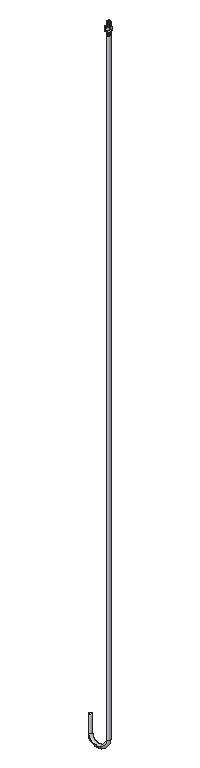
Revit family "Turnbuckle Hanger", category Modelos genéricos, Revit 2025
Family settings
  Puede alojar armadura = No
  Cota de conector redondo = Usar diámetro
  Tipo de pieza = Normal
  Se basa en plano de trabajo = No
  Siempre vertical = Sí
  Corte con vacíos al cargar = No
  Mantener orientación de anotación = No
  Compartido = No
  Punto de cálculo de habitación = No
Parameters
  b [instance] = 50 mm
  a [instance] = 30 mm
  Material = none
  Hook length of 180 [instance] = if(Bar Ø * 4 < 65 mm, 65 mm, Bar Ø * 4)  # 65 mm
  Elevación por defecto = 0 mm
  Curvature Ø [instance] = 6 * Bar Ø  # 72 mm
  Bar Ø [instance] = 12 mm
  Bar Length [instance] = 2500 mm
  10. SISTEMA = "ESTRUCTURAS"
  06. DESCRIPCION = "2 Tirante Roscados de Acero Ø1/2\" para Sujeción de Tensor Principal"
  03. CODIGO DE ELEMENTO = "MET-ARR-TIR-01"
  02. ELEMENTO = "Tirante de Acero Liso Ø1/2\""
Reference planes
  plane 1 "Center (Front/Back)": y = 0
  plane 2: z = 0
  plane 3 "Center (Left/Right)": x = 0
  plane 4: y = 12.5
  plane 5: x = 12.5
  plane 6: y = -12.5
  plane 7: x = -12.5
  plane 8: z = -2500
  plane 9: z = -2435
  plane 10: z = -22.37
  plane 11: z = 50
  plane 12: z = 20
Forms (mm)
  Sweep 1, solid, material <- "Material"
    path origin (0, 0, 0) x (1, 0, 0) y (0, 0, 1)
      loop
        line (0, 0) -> (0, -2500)
        arc (0, -2500) -> (-36, -2536) -> (-72, -2500) r 36
        line (-72, -2500) -> (-72, -2435)
    profile origin (0, 0, -1250) x (0, -1, 0) y (1, 0, 0)
      loop
        circle (0, 0) r 6
Dimensions and locks
  plane 7 to plane 5 = 25 mm
  equal spacing: plane 7, plane 3 "Center (Left/Right)", plane 5
  equal spacing: plane 4, plane 1 "Center (Front/Back)", plane 6
  plane 6 to plane 4 = 25 mm
  "Bar Length": level to plane 8
  "Hook length of 180": plane 9 to plane 8
  "b": plane 11 to level
  "a": plane 11 to plane 12
  "Bar Ø": diameter of Sweep 1 sketch curve
  "Curvature Ø": diameter of Sweep 1 sketch curve
  aligned and locked: level to plane 2
  aligned and locked: level to Sweep 1 sketch curve
  aligned and locked: Sweep 1 sketch curve to plane 3 "Center (Left/Right)"
  aligned and locked: plane 9 to Sweep 1 sketch curve
  aligned and locked: plane 8 to Sweep 1 sketch curve  (x2)
  aligned and locked: nested 1 to plane 3 "Center (Left/Right)"
  aligned and locked: nested 1 to plane 1 "Center (Front/Back)"
  aligned and locked: plane 1 "Center (Front/Back)" to nested 2
  aligned and locked: plane 3 "Center (Left/Right)" to nested 2
Automatic sketch dimensions
  plane 1 "Center (Front/Back)" to Sweep 1 sketch curve = 0 mm
  Sweep 1 sketch curve to profile plane = 0 mm
Nested families
  nested 1: "Rod with Detail" at (0, 0, 0) x (-1, 0, 0) z (0, 0, 1), Rod Ø <- "Bar Ø", Rod Length <- "b", type "Rod with Detail"
    with Rod Ø 12 mm, Rod Length 50 mm, Bar Ø 9.4 mm, Array Numbers 4
  nested 2: "Bolt Head Nut with Washer" at (0, 0, 20), Nominal Ø <- "Bar Ø", type "Bolt Head Nut with Washer"
    with Nominal Ø 12 mm, Material none
Definition of nested family "Rod with Detail"
  Parameters (values of type "Rod with Detail")
    Rod Ø [instance] = 16 mm
    Rod Material = none
    Rod Length [instance] = 60 mm
    Default Elevation = 1219.2 mm
    Bar Ø [instance] = Rod Ø - 2.6 mm  # 13.4 mm
    Array Numbers [instance] = 4
  Reference planes
    plane 1 "Center (Front/Back)": y = 0
    plane 2: z = 0
    plane 3 "Center (Left/Right)": x = 0
    plane 4: z = 3
    plane 5: z = 6
    plane 6: z = 9
    plane 7: z = 12
    plane 8: z = 15
    plane 9: z = 18
    plane 10: z = 21
    plane 11: z = 24
  Forms (mm)
    Extrusion 1, solid
      sketch origin (0, 0, 0) x (1, 0, 0) y (0, 1, 0)
        loop
          line (-1219.2, 1219.2) -> (-1219.2, -1219.2) -> (1219.2, -1219.2) -> (1219.2, 1219.2) -> (-1219.2, 1219.2)
      from 0 to -304.8
  Dimensions and locks
    aligned and locked: plane 2 to Extrusion 1
    aligned and locked: level to Extrusion 1
    aligned and locked: plane 3 "Center (Left/Right)" to nested 1
    aligned and locked: plane 1 "Center (Front/Back)" to nested 1
    aligned and locked: plane 1 "Center (Front/Back)" to nested 2
    aligned and locked: plane 3 "Center (Left/Right)" to nested 2
  Nested families
    nested 1: "Rod" at (0, 0, 0), Rod L <- "Rod Length", Rod Ø <- "Bar Ø", type "Rod"
      with Rod Ø 13.4 mm, Rod L 60 mm
    nested 2: "Rod Part" at (0, 0, 0), Rod Length <- "Rod Length", Rod Ø <- "Rod Ø", type "Rod Part"
      with Rod Ø 16 mm, Rod radius 8 mm, Rod Length 60 mm, Array Numbers 39
  Definition of nested family "Rod"
    Parameters (values of type "Rod")
      Rod Ø [instance] = 32 mm
      Rod Material = none
      Rod L [instance] = 200 mm
      Default Elevation = 1219.2 mm
    Reference planes
      plane 1 "Center (Front/Back)": y = 0
      plane 2: z = 0
      plane 3 "Center (Left/Right)": x = 0
      plane 4: z = 200
    Forms (mm)
      Extrusion 1, solid
        sketch origin (0, 0, 0) x (1, 0, 0) y (0, 1, 0)
          loop
            line (-1219.2, 1219.2) -> (-1219.2, -1219.2) -> (1219.2, -1219.2) -> (1219.2, 1219.2) -> (-1219.2, 1219.2)
        from 0 to -304.8
      Extrusion 2, solid, material <- "Rod Material"
        sketch origin (0, 0, 0) x (1, 0, 0) y (0, 1, 0)
          loop
            circle (0, 0) r 16
        from 0 to 200
    Dimensions and locks
      "Rod L": plane 4 to Extrusion 1
      "Rod Ø": diameter of Extrusion 2 sketch curve
      aligned and locked: plane 2 to Extrusion 1
      aligned and locked: level to Extrusion 1
      aligned and locked: Extrusion 2 to Extrusion 1
      aligned and locked: plane 4 to Extrusion 2
    Automatic sketch dimensions
      Extrusion 1 sketch curve to Extrusion 1 sketch curve = 2438.4 mm  (x2)
      plane 1 "Center (Front/Back)" to Extrusion 2 sketch curve = 0 mm
      Extrusion 2 sketch curve to plane 3 "Center (Left/Right)" = 0 mm
  Definition of nested family "Rod Part"
    Parameters (values of type "Rod Part")
      Rod Ø [instance] = 16 mm
      Rod radius [instance] = Rod Ø / 2  # 8 mm
      Rod material = none
      Rod Length [instance] = 40 mm
      Default Elevation = 1219.2 mm
      Array Numbers [instance] = (Rod Length / 1.5 mm) - 1  # 26
    Reference planes
      plane 1 "Center (Front/Back)": y = 0
      plane 2: z = 0
      plane 3 "Center (Left/Right)": x = 0
      plane 4: x = 8
      plane 5: x = -8
      plane 6: z = 0.75
      plane 7: z = 2.25
      plane 8: z = 1.5
      plane 9: z = 40
      plane 10: z = 3
    Forms (mm)
      Extrusion 1, solid
        sketch origin (0, 0, 0) x (1, 0, 0) y (0, 1, 0)
          loop
            line (-1219.2, 1219.2) -> (-1219.2, -1219.2) -> (1219.2, -1219.2) -> (1219.2, 1219.2) -> (-1219.2, 1219.2)
        from 0 to -304.8
      SweptBlend 2, solid
        path origin (0, 0, -8.25) x (1, 0, 0) y (0, 1, 0)
          loop
            arc (-8, 0) -> (0, 8) -> (8, 0) r 8
        profile origin (-8, 0, -8.25) x (-1, 0, 0) y (0, 0, 1)
          loop
            line (0, 9.75) -> (-1.299, 10.5) -> (-1.299, 9) -> (0, 9.75)
        end profile origin (8, 0, -8.25) x (1, 0, 0) y (0, 0, 1)
          loop
            line (0, 10.5) -> (-1.299, 11.25) -> (-1.299, 9.75) -> (0, 10.5)
      SweptBlend 3, solid
        path origin (0, 0, -11.25) x (1, 0, 0) y (0, 1, 0)
          loop
            arc (-8, 0) -> (0, -8) -> (8, 0) r 8
        profile origin (-8, 0, -11.25) x (1, 0, 0) y (0, 0, 1)
          loop
            line (0, 12.75) -> (1.299, 12) -> (1.299, 13.5) -> (0, 12.75)
        end profile origin (8, 0, -11.25) x (-1, 0, 0) y (0, 0, 1)
          loop
            line (0, 12) -> (1.299, 11.25) -> (1.299, 12.75) -> (0, 12)
      SweptBlend 4, solid
        path origin (0, 0, -6.75) x (1, 0, 0) y (0, 1, 0)
          loop
            arc (-8, 0) -> (0, 8) -> (8, 0) r 8
        profile origin (-8, 0, -6.75) x (-1, 0, 0) y (0, 0, 1)
          loop
            line (0, 9.75) -> (-1.299, 10.5) -> (-1.299, 9) -> (0, 9.75)
        end profile origin (8, 0, -6.75) x (1, 0, 0) y (0, 0, 1)
          loop
            line (0, 10.5) -> (-1.299, 11.25) -> (-1.299, 9.75) -> (0, 10.5)
      SweptBlend 5, solid
        path origin (0, 0, -9.75) x (1, 0, 0) y (0, 1, 0)
          loop
            arc (-8, 0) -> (0, -8) -> (8, 0) r 8
        profile origin (-8, 0, -9.75) x (1, 0, 0) y (0, 0, 1)
          loop
            line (0, 12.75) -> (1.299, 12) -> (1.299, 13.5) -> (0, 12.75)
        end profile origin (8, 0, -9.75) x (-1, 0, 0) y (0, 0, 1)
          loop
            line (0, 12) -> (1.299, 11.25) -> (1.299, 12.75) -> (0, 12)
      SweptBlend 6, solid
        path origin (0, 0, -5.25) x (1, 0, 0) y (0, 1, 0)
          loop
            arc (-8, 0) -> (0, 8) -> (8, 0) r 8
        profile origin (-8, 0, -5.25) x (-1, 0, 0) y (0, 0, 1)
          loop
            line (0, 9.75) -> (-1.299, 10.5) -> (-1.299, 9) -> (0, 9.75)
        end profile origin (8, 0, -5.25) x (1, 0, 0) y (0, 0, 1)
          loop
            line (0, 10.5) -> (-1.299, 11.25) -> (-1.299, 9.75) -> (0, 10.5)
      SweptBlend 7, solid
        path origin (0, 0, -8.25) x (1, 0, 0) y (0, 1, 0)
          loop
            arc (-8, 0) -> (0, -8) -> (8, 0) r 8
        profile origin (-8, 0, -8.25) x (1, 0, 0) y (0, 0, 1)
          loop
            line (0, 12.75) -> (1.299, 12) -> (1.299, 13.5) -> (0, 12.75)
        end profile origin (8, 0, -8.25) x (-1, 0, 0) y (0, 0, 1)
          loop
            line (0, 12) -> (1.299, 11.25) -> (1.299, 12.75) -> (0, 12)
      SweptBlend 8, solid
        path origin (0, 0, -3.75) x (1, 0, 0) y (0, 1, 0)
          loop
            arc (-8, 0) -> (0, 8) -> (8, 0) r 8
        profile origin (-8, 0, -3.75) x (-1, 0, 0) y (0, 0, 1)
          loop
            line (0, 9.75) -> (-1.299, 10.5) -> (-1.299, 9) -> (0, 9.75)
        end profile origin (8, 0, -3.75) x (1, 0, 0) y (0, 0, 1)
          loop
            line (0, 10.5) -> (-1.299, 11.25) -> (-1.299, 9.75) -> (0, 10.5)
      SweptBlend 9, solid
        path origin (0, 0, -6.75) x (1, 0, 0) y (0, 1, 0)
          loop
            arc (-8, 0) -> (0, -8) -> (8, 0) r 8
        profile origin (-8, 0, -6.75) x (1, 0, 0) y (0, 0, 1)
          loop
            line (0, 12.75) -> (1.299, 12) -> (1.299, 13.5) -> (0, 12.75)
        end profile origin (8, 0, -6.75) x (-1, 0, 0) y (0, 0, 1)
          loop
            line (0, 12) -> (1.299, 11.25) -> (1.299, 12.75) -> (0, 12)
      SweptBlend 10, solid
        path origin (0, 0, -2.25) x (1, 0, 0) y (0, 1, 0)
          loop
            arc (-8, 0) -> (0, 8) -> (8, 0) r 8
        profile origin (-8, 0, -2.25) x (-1, 0, 0) y (0, 0, 1)
          loop
            line (0, 9.75) -> (-1.299, 10.5) -> (-1.299, 9) -> (0, 9.75)
        end profile origin (8, 0, -2.25) x (1, 0, 0) y (0, 0, 1)
          loop
            line (0, 10.5) -> (-1.299, 11.25) -> (-1.299, 9.75) -> (0, 10.5)
      SweptBlend 11, solid
        path origin (0, 0, -5.25) x (1, 0, 0) y (0, 1, 0)
          loop
            arc (-8, 0) -> (0, -8) -> (8, 0) r 8
        profile origin (-8, 0, -5.25) x (1, 0, 0) y (0, 0, 1)
          loop
            line (0, 12.75) -> (1.299, 12) -> (1.299, 13.5) -> (0, 12.75)
        end profile origin (8, 0, -5.25) x (-1, 0, 0) y (0, 0, 1)
          loop
            line (0, 12) -> (1.299, 11.25) -> (1.299, 12.75) -> (0, 12)
      SweptBlend 12, solid
        path origin (0, 0, -0.75) x (1, 0, 0) y (0, 1, 0)
          loop
            arc (-8, 0) -> (0, 8) -> (8, 0) r 8
        profile origin (-8, 0, -0.75) x (-1, 0, 0) y (0, 0, 1)
          loop
            line (0, 9.75) -> (-1.299, 10.5) -> (-1.299, 9) -> (0, 9.75)
        end profile origin (8, 0, -0.75) x (1, 0, 0) y (0, 0, 1)
          loop
            line (0, 10.5) -> (-1.299, 11.25) -> (-1.299, 9.75) -> (0, 10.5)
      SweptBlend 13, solid
        path origin (0, 0, -3.75) x (1, 0, 0) y (0, 1, 0)
          loop
            arc (-8, 0) -> (0, -8) -> (8, 0) r 8
        profile origin (-8, 0, -3.75) x (1, 0, 0) y (0, 0, 1)
          loop
            line (0, 12.75) -> (1.299, 12) -> (1.299, 13.5) -> (0, 12.75)
        end profile origin (8, 0, -3.75) x (-1, 0, 0) y (0, 0, 1)
          loop
            line (0, 12) -> (1.299, 11.25) -> (1.299, 12.75) -> (0, 12)
      SweptBlend 14, solid
        path origin (0, 0, 0.75) x (1, 0, 0) y (0, 1, 0)
          loop
            arc (-8, 0) -> (0, 8) -> (8, 0) r 8
        profile origin (-8, 0, 0.75) x (-1, 0, 0) y (0, 0, 1)
          loop
            line (0, 9.75) -> (-1.299, 10.5) -> (-1.299, 9) -> (0, 9.75)
        end profile origin (8, 0, 0.75) x (1, 0, 0) y (0, 0, 1)
          loop
            line (0, 10.5) -> (-1.299, 11.25) -> (-1.299, 9.75) -> (0, 10.5)
      SweptBlend 15, solid
        path origin (0, 0, -2.25) x (1, 0, 0) y (0, 1, 0)
          loop
            arc (-8, 0) -> (0, -8) -> (8, 0) r 8
        profile origin (-8, 0, -2.25) x (1, 0, 0) y (0, 0, 1)
          loop
            line (0, 12.75) -> (1.299, 12) -> (1.299, 13.5) -> (0, 12.75)
        end profile origin (8, 0, -2.25) x (-1, 0, 0) y (0, 0, 1)
          loop
            line (0, 12) -> (1.299, 11.25) -> (1.299, 12.75) -> (0, 12)
      SweptBlend 16, solid
        path origin (0, 0, 2.25) x (1, 0, 0) y (0, 1, 0)
          loop
            arc (-8, 0) -> (0, 8) -> (8, 0) r 8
        profile origin (-8, 0, 2.25) x (-1, 0, 0) y (0, 0, 1)
          loop
            line (0, 9.75) -> (-1.299, 10.5) -> (-1.299, 9) -> (0, 9.75)
        end profile origin (8, 0, 2.25) x (1, 0, 0) y (0, 0, 1)
          loop
            line (0, 10.5) -> (-1.299, 11.25) -> (-1.299, 9.75) -> (0, 10.5)
      SweptBlend 17, solid
        path origin (0, 0, -0.75) x (1, 0, 0) y (0, 1, 0)
          loop
            arc (-8, 0) -> (0, -8) -> (8, 0) r 8
        profile origin (-8, 0, -0.75) x (1, 0, 0) y (0, 0, 1)
          loop
            line (0, 12.75) -> (1.299, 12) -> (1.299, 13.5) -> (0, 12.75)
        end profile origin (8, 0, -0.75) x (-1, 0, 0) y (0, 0, 1)
          loop
            line (0, 12) -> (1.299, 11.25) -> (1.299, 12.75) -> (0, 12)
      SweptBlend 18, solid
        path origin (0, 0, 3.75) x (1, 0, 0) y (0, 1, 0)
          loop
            arc (-8, 0) -> (0, 8) -> (8, 0) r 8
        profile origin (-8, 0, 3.75) x (-1, 0, 0) y (0, 0, 1)
          loop
            line (0, 9.75) -> (-1.299, 10.5) -> (-1.299, 9) -> (0, 9.75)
        end profile origin (8, 0, 3.75) x (1, 0, 0) y (0, 0, 1)
          loop
            line (0, 10.5) -> (-1.299, 11.25) -> (-1.299, 9.75) -> (0, 10.5)
      SweptBlend 19, solid
        path origin (0, 0, 0.75) x (1, 0, 0) y (0, 1, 0)
          loop
            arc (-8, 0) -> (0, -8) -> (8, 0) r 8
        profile origin (-8, 0, 0.75) x (1, 0, 0) y (0, 0, 1)
          loop
            line (0, 12.75) -> (1.299, 12) -> (1.299, 13.5) -> (0, 12.75)
        end profile origin (8, 0, 0.75) x (-1, 0, 0) y (0, 0, 1)
          loop
            line (0, 12) -> (1.299, 11.25) -> (1.299, 12.75) -> (0, 12)
      SweptBlend 20, solid
        path origin (0, 0, 5.25) x (1, 0, 0) y (0, 1, 0)
          loop
            arc (-8, 0) -> (0, 8) -> (8, 0) r 8
        profile origin (-8, 0, 5.25) x (-1, 0, 0) y (0, 0, 1)
          loop
            line (0, 9.75) -> (-1.299, 10.5) -> (-1.299, 9) -> (0, 9.75)
        end profile origin (8, 0, 5.25) x (1, 0, 0) y (0, 0, 1)
          loop
            line (0, 10.5) -> (-1.299, 11.25) -> (-1.299, 9.75) -> (0, 10.5)
      SweptBlend 21, solid
        path origin (0, 0, 2.25) x (1, 0, 0) y (0, 1, 0)
          loop
            arc (-8, 0) -> (0, -8) -> (8, 0) r 8
        profile origin (-8, 0, 2.25) x (1, 0, 0) y (0, 0, 1)
          loop
            line (0, 12.75) -> (1.299, 12) -> (1.299, 13.5) -> (0, 12.75)
        end profile origin (8, 0, 2.25) x (-1, 0, 0) y (0, 0, 1)
          loop
            line (0, 12) -> (1.299, 11.25) -> (1.299, 12.75) -> (0, 12)
      SweptBlend 22, solid
        path origin (0, 0, 6.75) x (1, 0, 0) y (0, 1, 0)
          loop
            arc (-8, 0) -> (0, 8) -> (8, 0) r 8
        profile origin (-8, 0, 6.75) x (-1, 0, 0) y (0, 0, 1)
          loop
            line (0, 9.75) -> (-1.299, 10.5) -> (-1.299, 9) -> (0, 9.75)
        end profile origin (8, 0, 6.75) x (1, 0, 0) y (0, 0, 1)
          loop
            line (0, 10.5) -> (-1.299, 11.25) -> (-1.299, 9.75) -> (0, 10.5)
      SweptBlend 23, solid
        path origin (0, 0, 3.75) x (1, 0, 0) y (0, 1, 0)
          loop
            arc (-8, 0) -> (0, -8) -> (8, 0) r 8
        profile origin (-8, 0, 3.75) x (1, 0, 0) y (0, 0, 1)
          loop
            line (0, 12.75) -> (1.299, 12) -> (1.299, 13.5) -> (0, 12.75)
        end profile origin (8, 0, 3.75) x (-1, 0, 0) y (0, 0, 1)
          loop
            line (0, 12) -> (1.299, 11.25) -> (1.299, 12.75) -> (0, 12)
      SweptBlend 24, solid
        path origin (0, 0, 8.25) x (1, 0, 0) y (0, 1, 0)
          loop
            arc (-8, 0) -> (0, 8) -> (8, 0) r 8
        profile origin (-8, 0, 8.25) x (-1, 0, 0) y (0, 0, 1)
          loop
            line (0, 9.75) -> (-1.299, 10.5) -> (-1.299, 9) -> (0, 9.75)
        end profile origin (8, 0, 8.25) x (1, 0, 0) y (0, 0, 1)
          loop
            line (0, 10.5) -> (-1.299, 11.25) -> (-1.299, 9.75) -> (0, 10.5)
      SweptBlend 25, solid
        path origin (0, 0, 5.25) x (1, 0, 0) y (0, 1, 0)
          loop
            arc (-8, 0) -> (0, -8) -> (8, 0) r 8
        profile origin (-8, 0, 5.25) x (1, 0, 0) y (0, 0, 1)
          loop
            line (0, 12.75) -> (1.299, 12) -> (1.299, 13.5) -> (0, 12.75)
        end profile origin (8, 0, 5.25) x (-1, 0, 0) y (0, 0, 1)
          loop
            line (0, 12) -> (1.299, 11.25) -> (1.299, 12.75) -> (0, 12)
      SweptBlend 26, solid
        path origin (0, 0, 9.75) x (1, 0, 0) y (0, 1, 0)
          loop
            arc (-8, 0) -> (0, 8) -> (8, 0) r 8
        profile origin (-8, 0, 9.75) x (-1, 0, 0) y (0, 0, 1)
          loop
            line (0, 9.75) -> (-1.299, 10.5) -> (-1.299, 9) -> (0, 9.75)
        end profile origin (8, 0, 9.75) x (1, 0, 0) y (0, 0, 1)
          loop
            line (0, 10.5) -> (-1.299, 11.25) -> (-1.299, 9.75) -> (0, 10.5)
      SweptBlend 27, solid
        path origin (0, 0, 6.75) x (1, 0, 0) y (0, 1, 0)
          loop
            arc (-8, 0) -> (0, -8) -> (8, 0) r 8
        profile origin (-8, 0, 6.75) x (1, 0, 0) y (0, 0, 1)
          loop
            line (0, 12.75) -> (1.299, 12) -> (1.299, 13.5) -> (0, 12.75)
        end profile origin (8, 0, 6.75) x (-1, 0, 0) y (0, 0, 1)
          loop
            line (0, 12) -> (1.299, 11.25) -> (1.299, 12.75) -> (0, 12)
      SweptBlend 28, solid
        path origin (0, 0, 11.25) x (1, 0, 0) y (0, 1, 0)
          loop
            arc (-8, 0) -> (0, 8) -> (8, 0) r 8
        profile origin (-8, 0, 11.25) x (-1, 0, 0) y (0, 0, 1)
          loop
            line (0, 9.75) -> (-1.299, 10.5) -> (-1.299, 9) -> (0, 9.75)
        end profile origin (8, 0, 11.25) x (1, 0, 0) y (0, 0, 1)
          loop
            line (0, 10.5) -> (-1.299, 11.25) -> (-1.299, 9.75) -> (0, 10.5)
      SweptBlend 29, solid
        path origin (0, 0, 8.25) x (1, 0, 0) y (0, 1, 0)
          loop
            arc (-8, 0) -> (0, -8) -> (8, 0) r 8
        profile origin (-8, 0, 8.25) x (1, 0, 0) y (0, 0, 1)
          loop
            line (0, 12.75) -> (1.299, 12) -> (1.299, 13.5) -> (0, 12.75)
        end profile origin (8, 0, 8.25) x (-1, 0, 0) y (0, 0, 1)
          loop
            line (0, 12) -> (1.299, 11.25) -> (1.299, 12.75) -> (0, 12)
      SweptBlend 30, solid
        path origin (0, 0, 12.75) x (1, 0, 0) y (0, 1, 0)
          loop
            arc (-8, 0) -> (0, 8) -> (8, 0) r 8
        profile origin (-8, 0, 12.75) x (-1, 0, 0) y (0, 0, 1)
          loop
            line (0, 9.75) -> (-1.299, 10.5) -> (-1.299, 9) -> (0, 9.75)
        end profile origin (8, 0, 12.75) x (1, 0, 0) y (0, 0, 1)
          loop
            line (0, 10.5) -> (-1.299, 11.25) -> (-1.299, 9.75) -> (0, 10.5)
      SweptBlend 31, solid
        path origin (0, 0, 9.75) x (1, 0, 0) y (0, 1, 0)
          loop
            arc (-8, 0) -> (0, -8) -> (8, 0) r 8
        profile origin (-8, 0, 9.75) x (1, 0, 0) y (0, 0, 1)
          loop
            line (0, 12.75) -> (1.299, 12) -> (1.299, 13.5) -> (0, 12.75)
        end profile origin (8, 0, 9.75) x (-1, 0, 0) y (0, 0, 1)
          loop
            line (0, 12) -> (1.299, 11.25) -> (1.299, 12.75) -> (0, 12)
      SweptBlend 32, solid
        path origin (0, 0, 14.25) x (1, 0, 0) y (0, 1, 0)
          loop
            arc (-8, 0) -> (0, 8) -> (8, 0) r 8
        profile origin (-8, 0, 14.25) x (-1, 0, 0) y (0, 0, 1)
          loop
            line (0, 9.75) -> (-1.299, 10.5) -> (-1.299, 9) -> (0, 9.75)
        end profile origin (8, 0, 14.25) x (1, 0, 0) y (0, 0, 1)
          loop
            line (0, 10.5) -> (-1.299, 11.25) -> (-1.299, 9.75) -> (0, 10.5)
      SweptBlend 33, solid
        path origin (0, 0, 11.25) x (1, 0, 0) y (0, 1, 0)
          loop
            arc (-8, 0) -> (0, -8) -> (8, 0) r 8
        profile origin (-8, 0, 11.25) x (1, 0, 0) y (0, 0, 1)
          loop
            line (0, 12.75) -> (1.299, 12) -> (1.299, 13.5) -> (0, 12.75)
        end profile origin (8, 0, 11.25) x (-1, 0, 0) y (0, 0, 1)
          loop
            line (0, 12) -> (1.299, 11.25) -> (1.299, 12.75) -> (0, 12)
      SweptBlend 34, solid
        path origin (0, 0, 15.75) x (1, 0, 0) y (0, 1, 0)
          loop
            arc (-8, 0) -> (0, 8) -> (8, 0) r 8
        profile origin (-8, 0, 15.75) x (-1, 0, 0) y (0, 0, 1)
          loop
            line (0, 9.75) -> (-1.299, 10.5) -> (-1.299, 9) -> (0, 9.75)
        end profile origin (8, 0, 15.75) x (1, 0, 0) y (0, 0, 1)
          loop
            line (0, 10.5) -> (-1.299, 11.25) -> (-1.299, 9.75) -> (0, 10.5)
      SweptBlend 35, solid
        path origin (0, 0, 12.75) x (1, 0, 0) y (0, 1, 0)
          loop
            arc (-8, 0) -> (0, -8) -> (8, 0) r 8
        profile origin (-8, 0, 12.75) x (1, 0, 0) y (0, 0, 1)
          loop
            line (0, 12.75) -> (1.299, 12) -> (1.299, 13.5) -> (0, 12.75)
        end profile origin (8, 0, 12.75) x (-1, 0, 0) y (0, 0, 1)
          loop
            line (0, 12) -> (1.299, 11.25) -> (1.299, 12.75) -> (0, 12)
      SweptBlend 36, solid
        path origin (0, 0, 17.25) x (1, 0, 0) y (0, 1, 0)
          loop
            arc (-8, 0) -> (0, 8) -> (8, 0) r 8
        profile origin (-8, 0, 17.25) x (-1, 0, 0) y (0, 0, 1)
          loop
            line (0, 9.75) -> (-1.299, 10.5) -> (-1.299, 9) -> (0, 9.75)
        end profile origin (8, 0, 17.25) x (1, 0, 0) y (0, 0, 1)
          loop
            line (0, 10.5) -> (-1.299, 11.25) -> (-1.299, 9.75) -> (0, 10.5)
      SweptBlend 37, solid
        path origin (0, 0, 14.25) x (1, 0, 0) y (0, 1, 0)
          loop
            arc (-8, 0) -> (0, -8) -> (8, 0) r 8
        profile origin (-8, 0, 14.25) x (1, 0, 0) y (0, 0, 1)
          loop
            line (0, 12.75) -> (1.299, 12) -> (1.299, 13.5) -> (0, 12.75)
        end profile origin (8, 0, 14.25) x (-1, 0, 0) y (0, 0, 1)
          loop
            line (0, 12) -> (1.299, 11.25) -> (1.299, 12.75) -> (0, 12)
      SweptBlend 38, solid
        path origin (0, 0, 18.75) x (1, 0, 0) y (0, 1, 0)
          loop
            arc (-8, 0) -> (0, 8) -> (8, 0) r 8
        profile origin (-8, 0, 18.75) x (-1, 0, 0) y (0, 0, 1)
          loop
            line (0, 9.75) -> (-1.299, 10.5) -> (-1.299, 9) -> (0, 9.75)
        end profile origin (8, 0, 18.75) x (1, 0, 0) y (0, 0, 1)
          loop
            line (0, 10.5) -> (-1.299, 11.25) -> (-1.299, 9.75) -> (0, 10.5)
      SweptBlend 39, solid
        path origin (0, 0, 15.75) x (1, 0, 0) y (0, 1, 0)
          loop
            arc (-8, 0) -> (0, -8) -> (8, 0) r 8
        profile origin (-8, 0, 15.75) x (1, 0, 0) y (0, 0, 1)
          loop
            line (0, 12.75) -> (1.299, 12) -> (1.299, 13.5) -> (0, 12.75)
        end profile origin (8, 0, 15.75) x (-1, 0, 0) y (0, 0, 1)
          loop
            line (0, 12) -> (1.299, 11.25) -> (1.299, 12.75) -> (0, 12)
      SweptBlend 40, solid
        path origin (0, 0, 20.25) x (1, 0, 0) y (0, 1, 0)
          loop
            arc (-8, 0) -> (0, 8) -> (8, 0) r 8
        profile origin (-8, 0, 20.25) x (-1, 0, 0) y (0, 0, 1)
          loop
            line (0, 9.75) -> (-1.299, 10.5) -> (-1.299, 9) -> (0, 9.75)
        end profile origin (8, 0, 20.25) x (1, 0, 0) y (0, 0, 1)
          loop
            line (0, 10.5) -> (-1.299, 11.25) -> (-1.299, 9.75) -> (0, 10.5)
      SweptBlend 41, solid
        path origin (0, 0, 17.25) x (1, 0, 0) y (0, 1, 0)
          loop
            arc (-8, 0) -> (0, -8) -> (8, 0) r 8
        profile origin (-8, 0, 17.25) x (1, 0, 0) y (0, 0, 1)
          loop
            line (0, 12.75) -> (1.299, 12) -> (1.299, 13.5) -> (0, 12.75)
        end profile origin (8, 0, 17.25) x (-1, 0, 0) y (0, 0, 1)
          loop
            line (0, 12) -> (1.299, 11.25) -> (1.299, 12.75) -> (0, 12)
      SweptBlend 42, solid
        path origin (0, 0, 21.75) x (1, 0, 0) y (0, 1, 0)
          loop
            arc (-8, 0) -> (0, 8) -> (8, 0) r 8
        profile origin (-8, 0, 21.75) x (-1, 0, 0) y (0, 0, 1)
          loop
            line (0, 9.75) -> (-1.299, 10.5) -> (-1.299, 9) -> (0, 9.75)
        end profile origin (8, 0, 21.75) x (1, 0, 0) y (0, 0, 1)
          loop
            line (0, 10.5) -> (-1.299, 11.25) -> (-1.299, 9.75) -> (0, 10.5)
      SweptBlend 43, solid
        path origin (0, 0, 18.75) x (1, 0, 0) y (0, 1, 0)
          loop
            arc (-8, 0) -> (0, -8) -> (8, 0) r 8
        profile origin (-8, 0, 18.75) x (1, 0, 0) y (0, 0, 1)
          loop
            line (0, 12.75) -> (1.299, 12) -> (1.299, 13.5) -> (0, 12.75)
        end profile origin (8, 0, 18.75) x (-1, 0, 0) y (0, 0, 1)
          loop
            line (0, 12) -> (1.299, 11.25) -> (1.299, 12.75) -> (0, 12)
      SweptBlend 44, solid
        path origin (0, 0, 23.25) x (1, 0, 0) y (0, 1, 0)
          loop
            arc (-8, 0) -> (0, 8) -> (8, 0) r 8
        profile origin (-8, 0, 23.25) x (-1, 0, 0) y (0, 0, 1)
          loop
            line (0, 9.75) -> (-1.299, 10.5) -> (-1.299, 9) -> (0, 9.75)
        end profile origin (8, 0, 23.25) x (1, 0, 0) y (0, 0, 1)
          loop
            line (0, 10.5) -> (-1.299, 11.25) -> (-1.299, 9.75) -> (0, 10.5)
      SweptBlend 45, solid
        path origin (0, 0, 20.25) x (1, 0, 0) y (0, 1, 0)
          loop
            arc (-8, 0) -> (0, -8) -> (8, 0) r 8
        profile origin (-8, 0, 20.25) x (1, 0, 0) y (0, 0, 1)
          loop
            line (0, 12.75) -> (1.299, 12) -> (1.299, 13.5) -> (0, 12.75)
        end profile origin (8, 0, 20.25) x (-1, 0, 0) y (0, 0, 1)
          loop
            line (0, 12) -> (1.299, 11.25) -> (1.299, 12.75) -> (0, 12)
      SweptBlend 46, solid
        path origin (0, 0, 24.75) x (1, 0, 0) y (0, 1, 0)
          loop
            arc (-8, 0) -> (0, 8) -> (8, 0) r 8
        profile origin (-8, 0, 24.75) x (-1, 0, 0) y (0, 0, 1)
          loop
            line (0, 9.75) -> (-1.299, 10.5) -> (-1.299, 9) -> (0, 9.75)
        end profile origin (8, 0, 24.75) x (1, 0, 0) y (0, 0, 1)
          loop
            line (0, 10.5) -> (-1.299, 11.25) -> (-1.299, 9.75) -> (0, 10.5)
      SweptBlend 47, solid
        path origin (0, 0, 21.75) x (1, 0, 0) y (0, 1, 0)
          loop
            arc (-8, 0) -> (0, -8) -> (8, 0) r 8
        profile origin (-8, 0, 21.75) x (1, 0, 0) y (0, 0, 1)
          loop
            line (0, 12.75) -> (1.299, 12) -> (1.299, 13.5) -> (0, 12.75)
        end profile origin (8, 0, 21.75) x (-1, 0, 0) y (0, 0, 1)
          loop
            line (0, 12) -> (1.299, 11.25) -> (1.299, 12.75) -> (0, 12)
      SweptBlend 48, solid
        path origin (0, 0, 26.25) x (1, 0, 0) y (0, 1, 0)
          loop
            arc (-8, 0) -> (0, 8) -> (8, 0) r 8
        profile origin (-8, 0, 26.25) x (-1, 0, 0) y (0, 0, 1)
          loop
            line (0, 9.75) -> (-1.299, 10.5) -> (-1.299, 9) -> (0, 9.75)
        end profile origin (8, 0, 26.25) x (1, 0, 0) y (0, 0, 1)
          loop
            line (0, 10.5) -> (-1.299, 11.25) -> (-1.299, 9.75) -> (0, 10.5)
      SweptBlend 49, solid
        path origin (0, 0, 23.25) x (1, 0, 0) y (0, 1, 0)
          loop
            arc (-8, 0) -> (0, -8) -> (8, 0) r 8
        profile origin (-8, 0, 23.25) x (1, 0, 0) y (0, 0, 1)
          loop
            line (0, 12.75) -> (1.299, 12) -> (1.299, 13.5) -> (0, 12.75)
        end profile origin (8, 0, 23.25) x (-1, 0, 0) y (0, 0, 1)
          loop
            line (0, 12) -> (1.299, 11.25) -> (1.299, 12.75) -> (0, 12)
      SweptBlend 50, solid
        path origin (0, 0, 27.75) x (1, 0, 0) y (0, 1, 0)
          loop
            arc (-8, 0) -> (0, 8) -> (8, 0) r 8
        profile origin (-8, 0, 27.75) x (-1, 0, 0) y (0, 0, 1)
          loop
            line (0, 9.75) -> (-1.299, 10.5) -> (-1.299, 9) -> (0, 9.75)
        end profile origin (8, 0, 27.75) x (1, 0, 0) y (0, 0, 1)
          loop
            line (0, 10.5) -> (-1.299, 11.25) -> (-1.299, 9.75) -> (0, 10.5)
      SweptBlend 51, solid
        path origin (0, 0, 24.75) x (1, 0, 0) y (0, 1, 0)
          loop
            arc (-8, 0) -> (0, -8) -> (8, 0) r 8
        profile origin (-8, 0, 24.75) x (1, 0, 0) y (0, 0, 1)
          loop
            line (0, 12.75) -> (1.299, 12) -> (1.299, 13.5) -> (0, 12.75)
        end profile origin (8, 0, 24.75) x (-1, 0, 0) y (0, 0, 1)
          loop
            line (0, 12) -> (1.299, 11.25) -> (1.299, 12.75) -> (0, 12)
      SweptBlend 52, solid
        path origin (0, 0, 29.25) x (1, 0, 0) y (0, 1, 0)
          loop
            arc (-8, 0) -> (0, 8) -> (8, 0) r 8
        profile origin (-8, 0, 29.25) x (-1, 0, 0) y (0, 0, 1)
          loop
            line (0, 9.75) -> (-1.299, 10.5) -> (-1.299, 9) -> (0, 9.75)
        end profile origin (8, 0, 29.25) x (1, 0, 0) y (0, 0, 1)
          loop
            line (0, 10.5) -> (-1.299, 11.25) -> (-1.299, 9.75) -> (0, 10.5)
      SweptBlend 53, solid
        path origin (0, 0, 26.25) x (1, 0, 0) y (0, 1, 0)
          loop
            arc (-8, 0) -> (0, -8) -> (8, 0) r 8
        profile origin (-8, 0, 26.25) x (1, 0, 0) y (0, 0, 1)
          loop
            line (0, 12.75) -> (1.299, 12) -> (1.299, 13.5) -> (0, 12.75)
        end profile origin (8, 0, 26.25) x (-1, 0, 0) y (0, 0, 1)
          loop
            line (0, 12) -> (1.299, 11.25) -> (1.299, 12.75) -> (0, 12)
      SweptBlend 54, solid
        path origin (0, 0, -12.723) x (1, 0, 0) y (0, 1, 0)
          loop
            arc (-8, 0) -> (0, -8) -> (8, 0) r 8
        profile origin (-8, 0, -12.723) x (1, 0, 0) y (0, 0, 1)
          loop
            line (0, 12.75) -> (1.299, 12) -> (1.299, 13.5) -> (0, 12.75)
        end profile origin (8, 0, -12.723) x (-1, 0, 0) y (0, 0, 1)
          loop
            line (0, 12) -> (1.299, 11.25) -> (1.299, 12.75) -> (0, 12)
      SweptBlend 55, solid
        path origin (0, 0, -11.223) x (1, 0, 0) y (0, 1, 0)
          loop
            arc (-8, 0) -> (0, -8) -> (8, 0) r 8
        profile origin (-8, 0, -11.223) x (1, 0, 0) y (0, 0, 1)
          loop
            line (0, 12.75) -> (1.299, 12) -> (1.299, 13.5) -> (0, 12.75)
        end profile origin (8, 0, -11.223) x (-1, 0, 0) y (0, 0, 1)
          loop
            line (0, 12) -> (1.299, 11.25) -> (1.299, 12.75) -> (0, 12)
      SweptBlend 56, solid
        path origin (0, 0, -9.723) x (1, 0, 0) y (0, 1, 0)
          loop
            arc (-8, 0) -> (0, -8) -> (8, 0) r 8
        profile origin (-8, 0, -9.723) x (1, 0, 0) y (0, 0, 1)
          loop
            line (0, 12.75) -> (1.299, 12) -> (1.299, 13.5) -> (0, 12.75)
        end profile origin (8, 0, -9.723) x (-1, 0, 0) y (0, 0, 1)
          loop
            line (0, 12) -> (1.299, 11.25) -> (1.299, 12.75) -> (0, 12)
      SweptBlend 57, solid
        path origin (0, 0, -8.223) x (1, 0, 0) y (0, 1, 0)
          loop
            arc (-8, 0) -> (0, -8) -> (8, 0) r 8
        profile origin (-8, 0, -8.223) x (1, 0, 0) y (0, 0, 1)
          loop
            line (0, 12.75) -> (1.299, 12) -> (1.299, 13.5) -> (0, 12.75)
        end profile origin (8, 0, -8.223) x (-1, 0, 0) y (0, 0, 1)
          loop
            line (0, 12) -> (1.299, 11.25) -> (1.299, 12.75) -> (0, 12)
      SweptBlend 58, solid
        path origin (0, 0, -6.723) x (1, 0, 0) y (0, 1, 0)
          loop
            arc (-8, 0) -> (0, -8) -> (8, 0) r 8
        profile origin (-8, 0, -6.723) x (1, 0, 0) y (0, 0, 1)
          loop
            line (0, 12.75) -> (1.299, 12) -> (1.299, 13.5) -> (0, 12.75)
        end profile origin (8, 0, -6.723) x (-1, 0, 0) y (0, 0, 1)
          loop
            line (0, 12) -> (1.299, 11.25) -> (1.299, 12.75) -> (0, 12)
      SweptBlend 59, solid
        path origin (0, 0, -5.223) x (1, 0, 0) y (0, 1, 0)
          loop
            arc (-8, 0) -> (0, -8) -> (8, 0) r 8
        profile origin (-8, 0, -5.223) x (1, 0, 0) y (0, 0, 1)
          loop
            line (0, 12.75) -> (1.299, 12) -> (1.299, 13.5) -> (0, 12.75)
        end profile origin (8, 0, -5.223) x (-1, 0, 0) y (0, 0, 1)
          loop
            line (0, 12) -> (1.299, 11.25) -> (1.299, 12.75) -> (0, 12)
      SweptBlend 60, solid
        path origin (0, 0, -3.723) x (1, 0, 0) y (0, 1, 0)
          loop
            arc (-8, 0) -> (0, -8) -> (8, 0) r 8
        profile origin (-8, 0, -3.723) x (1, 0, 0) y (0, 0, 1)
          loop
            line (0, 12.75) -> (1.299, 12) -> (1.299, 13.5) -> (0, 12.75)
        end profile origin (8, 0, -3.723) x (-1, 0, 0) y (0, 0, 1)
          loop
            line (0, 12) -> (1.299, 11.25) -> (1.299, 12.75) -> (0, 12)
      SweptBlend 61, solid
        path origin (0, 0, -2.223) x (1, 0, 0) y (0, 1, 0)
          loop
            arc (-8, 0) -> (0, -8) -> (8, 0) r 8
        profile origin (-8, 0, -2.223) x (1, 0, 0) y (0, 0, 1)
          loop
            line (0, 12.75) -> (1.299, 12) -> (1.299, 13.5) -> (0, 12.75)
        end profile origin (8, 0, -2.223) x (-1, 0, 0) y (0, 0, 1)
          loop
            line (0, 12) -> (1.299, 11.25) -> (1.299, 12.75) -> (0, 12)
      SweptBlend 62, solid
        path origin (0, 0, -0.723) x (1, 0, 0) y (0, 1, 0)
          loop
            arc (-8, 0) -> (0, -8) -> (8, 0) r 8
        profile origin (-8, 0, -0.723) x (1, 0, 0) y (0, 0, 1)
          loop
            line (0, 12.75) -> (1.299, 12) -> (1.299, 13.5) -> (0, 12.75)
        end profile origin (8, 0, -0.723) x (-1, 0, 0) y (0, 0, 1)
          loop
            line (0, 12) -> (1.299, 11.25) -> (1.299, 12.75) -> (0, 12)
      SweptBlend 63, solid
        path origin (0, 0, 0.777) x (1, 0, 0) y (0, 1, 0)
          loop
            arc (-8, 0) -> (0, -8) -> (8, 0) r 8
        profile origin (-8, 0, 0.777) x (1, 0, 0) y (0, 0, 1)
          loop
            line (0, 12.75) -> (1.299, 12) -> (1.299, 13.5) -> (0, 12.75)
        end profile origin (8, 0, 0.777) x (-1, 0, 0) y (0, 0, 1)
          loop
            line (0, 12) -> (1.299, 11.25) -> (1.299, 12.75) -> (0, 12)
      SweptBlend 64, solid
        path origin (0, 0, 2.277) x (1, 0, 0) y (0, 1, 0)
          loop
            arc (-8, 0) -> (0, -8) -> (8, 0) r 8
        profile origin (-8, 0, 2.277) x (1, 0, 0) y (0, 0, 1)
          loop
            line (0, 12.75) -> (1.299, 12) -> (1.299, 13.5) -> (0, 12.75)
        end profile origin (8, 0, 2.277) x (-1, 0, 0) y (0, 0, 1)
          loop
            line (0, 12) -> (1.299, 11.25) -> (1.299, 12.75) -> (0, 12)
      SweptBlend 65, solid
        path origin (0, 0, 3.777) x (1, 0, 0) y (0, 1, 0)
          loop
            arc (-8, 0) -> (0, -8) -> (8, 0) r 8
        profile origin (-8, 0, 3.777) x (1, 0, 0) y (0, 0, 1)
          loop
            line (0, 12.75) -> (1.299, 12) -> (1.299, 13.5) -> (0, 12.75)
        end profile origin (8, 0, 3.777) x (-1, 0, 0) y (0, 0, 1)
          loop
            line (0, 12) -> (1.299, 11.25) -> (1.299, 12.75) -> (0, 12)
      SweptBlend 66, solid
        path origin (0, 0, 5.277) x (1, 0, 0) y (0, 1, 0)
          loop
            arc (-8, 0) -> (0, -8) -> (8, 0) r 8
        profile origin (-8, 0, 5.277) x (1, 0, 0) y (0, 0, 1)
          loop
            line (0, 12.75) -> (1.299, 12) -> (1.299, 13.5) -> (0, 12.75)
        end profile origin (8, 0, 5.277) x (-1, 0, 0) y (0, 0, 1)
          loop
            line (0, 12) -> (1.299, 11.25) -> (1.299, 12.75) -> (0, 12)
      SweptBlend 67, solid
        path origin (0, 0, 6.777) x (1, 0, 0) y (0, 1, 0)
          loop
            arc (-8, 0) -> (0, -8) -> (8, 0) r 8
        profile origin (-8, 0, 6.777) x (1, 0, 0) y (0, 0, 1)
          loop
            line (0, 12.75) -> (1.299, 12) -> (1.299, 13.5) -> (0, 12.75)
        end profile origin (8, 0, 6.777) x (-1, 0, 0) y (0, 0, 1)
          loop
            line (0, 12) -> (1.299, 11.25) -> (1.299, 12.75) -> (0, 12)
      SweptBlend 68, solid
        path origin (0, 0, 8.277) x (1, 0, 0) y (0, 1, 0)
          loop
            arc (-8, 0) -> (0, -8) -> (8, 0) r 8
        profile origin (-8, 0, 8.277) x (1, 0, 0) y (0, 0, 1)
          loop
            line (0, 12.75) -> (1.299, 12) -> (1.299, 13.5) -> (0, 12.75)
        end profile origin (8, 0, 8.277) x (-1, 0, 0) y (0, 0, 1)
          loop
            line (0, 12) -> (1.299, 11.25) -> (1.299, 12.75) -> (0, 12)
      SweptBlend 69, solid
        path origin (0, 0, 9.777) x (1, 0, 0) y (0, 1, 0)
          loop
            arc (-8, 0) -> (0, -8) -> (8, 0) r 8
        profile origin (-8, 0, 9.777) x (1, 0, 0) y (0, 0, 1)
          loop
            line (0, 12.75) -> (1.299, 12) -> (1.299, 13.5) -> (0, 12.75)
        end profile origin (8, 0, 9.777) x (-1, 0, 0) y (0, 0, 1)
          loop
            line (0, 12) -> (1.299, 11.25) -> (1.299, 12.75) -> (0, 12)
      SweptBlend 70, solid
        path origin (0, 0, 11.277) x (1, 0, 0) y (0, 1, 0)
          loop
            arc (-8, 0) -> (0, -8) -> (8, 0) r 8
        profile origin (-8, 0, 11.277) x (1, 0, 0) y (0, 0, 1)
          loop
            line (0, 12.75) -> (1.299, 12) -> (1.299, 13.5) -> (0, 12.75)
        end profile origin (8, 0, 11.277) x (-1, 0, 0) y (0, 0, 1)
          loop
            line (0, 12) -> (1.299, 11.25) -> (1.299, 12.75) -> (0, 12)
      SweptBlend 71, solid
        path origin (0, 0, 12.777) x (1, 0, 0) y (0, 1, 0)
          loop
            arc (-8, 0) -> (0, -8) -> (8, 0) r 8
        profile origin (-8, 0, 12.777) x (1, 0, 0) y (0, 0, 1)
          loop
            line (0, 12.75) -> (1.299, 12) -> (1.299, 13.5) -> (0, 12.75)
        end profile origin (8, 0, 12.777) x (-1, 0, 0) y (0, 0, 1)
          loop
            line (0, 12) -> (1.299, 11.25) -> (1.299, 12.75) -> (0, 12)
      SweptBlend 72, solid
        path origin (0, 0, 14.277) x (1, 0, 0) y (0, 1, 0)
          loop
            arc (-8, 0) -> (0, -8) -> (8, 0) r 8
        profile origin (-8, 0, 14.277) x (1, 0, 0) y (0, 0, 1)
          loop
            line (0, 12.75) -> (1.299, 12) -> (1.299, 13.5) -> (0, 12.75)
        end profile origin (8, 0, 14.277) x (-1, 0, 0) y (0, 0, 1)
          loop
            line (0, 12) -> (1.299, 11.25) -> (1.299, 12.75) -> (0, 12)
      SweptBlend 73, solid
        path origin (0, 0, 15.777) x (1, 0, 0) y (0, 1, 0)
          loop
            arc (-8, 0) -> (0, -8) -> (8, 0) r 8
        profile origin (-8, 0, 15.777) x (1, 0, 0) y (0, 0, 1)
          loop
            line (0, 12.75) -> (1.299, 12) -> (1.299, 13.5) -> (0, 12.75)
        end profile origin (8, 0, 15.777) x (-1, 0, 0) y (0, 0, 1)
          loop
            line (0, 12) -> (1.299, 11.25) -> (1.299, 12.75) -> (0, 12)
      SweptBlend 74, solid
        path origin (0, 0, 17.277) x (1, 0, 0) y (0, 1, 0)
          loop
            arc (-8, 0) -> (0, -8) -> (8, 0) r 8
        profile origin (-8, 0, 17.277) x (1, 0, 0) y (0, 0, 1)
          loop
            line (0, 12.75) -> (1.299, 12) -> (1.299, 13.5) -> (0, 12.75)
        end profile origin (8, 0, 17.277) x (-1, 0, 0) y (0, 0, 1)
          loop
            line (0, 12) -> (1.299, 11.25) -> (1.299, 12.75) -> (0, 12)
      SweptBlend 75, solid
        path origin (0, 0, 18.777) x (1, 0, 0) y (0, 1, 0)
          loop
            arc (-8, 0) -> (0, -8) -> (8, 0) r 8
        profile origin (-8, 0, 18.777) x (1, 0, 0) y (0, 0, 1)
          loop
            line (0, 12.75) -> (1.299, 12) -> (1.299, 13.5) -> (0, 12.75)
        end profile origin (8, 0, 18.777) x (-1, 0, 0) y (0, 0, 1)
          loop
            line (0, 12) -> (1.299, 11.25) -> (1.299, 12.75) -> (0, 12)
      SweptBlend 76, solid
        path origin (0, 0, 20.277) x (1, 0, 0) y (0, 1, 0)
          loop
            arc (-8, 0) -> (0, -8) -> (8, 0) r 8
        profile origin (-8, 0, 20.277) x (1, 0, 0) y (0, 0, 1)
          loop
            line (0, 12.75) -> (1.299, 12) -> (1.299, 13.5) -> (0, 12.75)
        end profile origin (8, 0, 20.277) x (-1, 0, 0) y (0, 0, 1)
          loop
            line (0, 12) -> (1.299, 11.25) -> (1.299, 12.75) -> (0, 12)
      SweptBlend 77, solid
        path origin (0, 0, 21.777) x (1, 0, 0) y (0, 1, 0)
          loop
            arc (-8, 0) -> (0, -8) -> (8, 0) r 8
        profile origin (-8, 0, 21.777) x (1, 0, 0) y (0, 0, 1)
          loop
            line (0, 12.75) -> (1.299, 12) -> (1.299, 13.5) -> (0, 12.75)
        end profile origin (8, 0, 21.777) x (-1, 0, 0) y (0, 0, 1)
          loop
            line (0, 12) -> (1.299, 11.25) -> (1.299, 12.75) -> (0, 12)
      SweptBlend 78, solid
        path origin (0, 0, 23.277) x (1, 0, 0) y (0, 1, 0)
          loop
            arc (-8, 0) -> (0, -8) -> (8, 0) r 8
        profile origin (-8, 0, 23.277) x (1, 0, 0) y (0, 0, 1)
          loop
            line (0, 12.75) -> (1.299, 12) -> (1.299, 13.5) -> (0, 12.75)
        end profile origin (8, 0, 23.277) x (-1, 0, 0) y (0, 0, 1)
          loop
            line (0, 12) -> (1.299, 11.25) -> (1.299, 12.75) -> (0, 12)
      SweptBlend 79, solid
        path origin (0, 0, 24.777) x (1, 0, 0) y (0, 1, 0)
          loop
            arc (-8, 0) -> (0, -8) -> (8, 0) r 8
        profile origin (-8, 0, 24.777) x (1, 0, 0) y (0, 0, 1)
          loop
            line (0, 12.75) -> (1.299, 12) -> (1.299, 13.5) -> (0, 12.75)
        end profile origin (8, 0, 24.777) x (-1, 0, 0) y (0, 0, 1)
          loop
            line (0, 12) -> (1.299, 11.25) -> (1.299, 12.75) -> (0, 12)
      SweptBlend 80, solid
        path origin (0, 0, -9.723) x (1, 0, 0) y (0, 1, 0)
          loop
            arc (-8, 0) -> (0, 8) -> (8, 0) r 8
        profile origin (-8, 0, -9.723) x (-1, 0, 0) y (0, 0, 1)
          loop
            line (0, 9.75) -> (-1.299, 10.5) -> (-1.299, 9) -> (0, 9.75)
        end profile origin (8, 0, -9.723) x (1, 0, 0) y (0, 0, 1)
          loop
            line (0, 10.5) -> (-1.299, 11.25) -> (-1.299, 9.75) -> (0, 10.5)
      SweptBlend 81, solid
        path origin (0, 0, -8.223) x (1, 0, 0) y (0, 1, 0)
          loop
            arc (-8, 0) -> (0, 8) -> (8, 0) r 8
        profile origin (-8, 0, -8.223) x (-1, 0, 0) y (0, 0, 1)
          loop
            line (0, 9.75) -> (-1.299, 10.5) -> (-1.299, 9) -> (0, 9.75)
        end profile origin (8, 0, -8.223) x (1, 0, 0) y (0, 0, 1)
          loop
            line (0, 10.5) -> (-1.299, 11.25) -> (-1.299, 9.75) -> (0, 10.5)
      SweptBlend 82, solid
        path origin (0, 0, -6.723) x (1, 0, 0) y (0, 1, 0)
          loop
            arc (-8, 0) -> (0, 8) -> (8, 0) r 8
        profile origin (-8, 0, -6.723) x (-1, 0, 0) y (0, 0, 1)
          loop
            line (0, 9.75) -> (-1.299, 10.5) -> (-1.299, 9) -> (0, 9.75)
        end profile origin (8, 0, -6.723) x (1, 0, 0) y (0, 0, 1)
          loop
            line (0, 10.5) -> (-1.299, 11.25) -> (-1.299, 9.75) -> (0, 10.5)
      SweptBlend 83, solid
        path origin (0, 0, -5.223) x (1, 0, 0) y (0, 1, 0)
          loop
            arc (-8, 0) -> (0, 8) -> (8, 0) r 8
        profile origin (-8, 0, -5.223) x (-1, 0, 0) y (0, 0, 1)
          loop
            line (0, 9.75) -> (-1.299, 10.5) -> (-1.299, 9) -> (0, 9.75)
        end profile origin (8, 0, -5.223) x (1, 0, 0) y (0, 0, 1)
          loop
            line (0, 10.5) -> (-1.299, 11.25) -> (-1.299, 9.75) -> (0, 10.5)
      SweptBlend 84, solid
        path origin (0, 0, -3.723) x (1, 0, 0) y (0, 1, 0)
          loop
            arc (-8, 0) -> (0, 8) -> (8, 0) r 8
        profile origin (-8, 0, -3.723) x (-1, 0, 0) y (0, 0, 1)
          loop
            line (0, 9.75) -> (-1.299, 10.5) -> (-1.299, 9) -> (0, 9.75)
        end profile origin (8, 0, -3.723) x (1, 0, 0) y (0, 0, 1)
          loop
            line (0, 10.5) -> (-1.299, 11.25) -> (-1.299, 9.75) -> (0, 10.5)
      SweptBlend 85, solid
        path origin (0, 0, -2.223) x (1, 0, 0) y (0, 1, 0)
          loop
            arc (-8, 0) -> (0, 8) -> (8, 0) r 8
        profile origin (-8, 0, -2.223) x (-1, 0, 0) y (0, 0, 1)
          loop
            line (0, 9.75) -> (-1.299, 10.5) -> (-1.299, 9) -> (0, 9.75)
        end profile origin (8, 0, -2.223) x (1, 0, 0) y (0, 0, 1)
          loop
            line (0, 10.5) -> (-1.299, 11.25) -> (-1.299, 9.75) -> (0, 10.5)
      SweptBlend 86, solid
        path origin (0, 0, -0.723) x (1, 0, 0) y (0, 1, 0)
          loop
            arc (-8, 0) -> (0, 8) -> (8, 0) r 8
        profile origin (-8, 0, -0.723) x (-1, 0, 0) y (0, 0, 1)
          loop
            line (0, 9.75) -> (-1.299, 10.5) -> (-1.299, 9) -> (0, 9.75)
        end profile origin (8, 0, -0.723) x (1, 0, 0) y (0, 0, 1)
          loop
            line (0, 10.5) -> (-1.299, 11.25) -> (-1.299, 9.75) -> (0, 10.5)
      SweptBlend 87, solid
        path origin (0, 0, 0.777) x (1, 0, 0) y (0, 1, 0)
          loop
            arc (-8, 0) -> (0, 8) -> (8, 0) r 8
        profile origin (-8, 0, 0.777) x (-1, 0, 0) y (0, 0, 1)
          loop
            line (0, 9.75) -> (-1.299, 10.5) -> (-1.299, 9) -> (0, 9.75)
        end profile origin (8, 0, 0.777) x (1, 0, 0) y (0, 0, 1)
          loop
            line (0, 10.5) -> (-1.299, 11.25) -> (-1.299, 9.75) -> (0, 10.5)
      SweptBlend 88, solid
        path origin (0, 0, 2.277) x (1, 0, 0) y (0, 1, 0)
          loop
            arc (-8, 0) -> (0, 8) -> (8, 0) r 8
        profile origin (-8, 0, 2.277) x (-1, 0, 0) y (0, 0, 1)
          loop
            line (0, 9.75) -> (-1.299, 10.5) -> (-1.299, 9) -> (0, 9.75)
        end profile origin (8, 0, 2.277) x (1, 0, 0) y (0, 0, 1)
          loop
            line (0, 10.5) -> (-1.299, 11.25) -> (-1.299, 9.75) -> (0, 10.5)
      SweptBlend 89, solid
        path origin (0, 0, 3.777) x (1, 0, 0) y (0, 1, 0)
          loop
            arc (-8, 0) -> (0, 8) -> (8, 0) r 8
        profile origin (-8, 0, 3.777) x (-1, 0, 0) y (0, 0, 1)
          loop
            line (0, 9.75) -> (-1.299, 10.5) -> (-1.299, 9) -> (0, 9.75)
        end profile origin (8, 0, 3.777) x (1, 0, 0) y (0, 0, 1)
          loop
            line (0, 10.5) -> (-1.299, 11.25) -> (-1.299, 9.75) -> (0, 10.5)
      SweptBlend 90, solid
        path origin (0, 0, 5.277) x (1, 0, 0) y (0, 1, 0)
          loop
            arc (-8, 0) -> (0, 8) -> (8, 0) r 8
        profile origin (-8, 0, 5.277) x (-1, 0, 0) y (0, 0, 1)
          loop
            line (0, 9.75) -> (-1.299, 10.5) -> (-1.299, 9) -> (0, 9.75)
        end profile origin (8, 0, 5.277) x (1, 0, 0) y (0, 0, 1)
          loop
            line (0, 10.5) -> (-1.299, 11.25) -> (-1.299, 9.75) -> (0, 10.5)
      SweptBlend 91, solid
        path origin (0, 0, 6.777) x (1, 0, 0) y (0, 1, 0)
          loop
            arc (-8, 0) -> (0, 8) -> (8, 0) r 8
        profile origin (-8, 0, 6.777) x (-1, 0, 0) y (0, 0, 1)
          loop
            line (0, 9.75) -> (-1.299, 10.5) -> (-1.299, 9) -> (0, 9.75)
        end profile origin (8, 0, 6.777) x (1, 0, 0) y (0, 0, 1)
          loop
            line (0, 10.5) -> (-1.299, 11.25) -> (-1.299, 9.75) -> (0, 10.5)
      SweptBlend 92, solid
        path origin (0, 0, 8.277) x (1, 0, 0) y (0, 1, 0)
          loop
            arc (-8, 0) -> (0, 8) -> (8, 0) r 8
        profile origin (-8, 0, 8.277) x (-1, 0, 0) y (0, 0, 1)
          loop
            line (0, 9.75) -> (-1.299, 10.5) -> (-1.299, 9) -> (0, 9.75)
        end profile origin (8, 0, 8.277) x (1, 0, 0) y (0, 0, 1)
          loop
            line (0, 10.5) -> (-1.299, 11.25) -> (-1.299, 9.75) -> (0, 10.5)
      SweptBlend 93, solid
        path origin (0, 0, 9.777) x (1, 0, 0) y (0, 1, 0)
          loop
            arc (-8, 0) -> (0, 8) -> (8, 0) r 8
        profile origin (-8, 0, 9.777) x (-1, 0, 0) y (0, 0, 1)
          loop
            line (0, 9.75) -> (-1.299, 10.5) -> (-1.299, 9) -> (0, 9.75)
        end profile origin (8, 0, 9.777) x (1, 0, 0) y (0, 0, 1)
          loop
            line (0, 10.5) -> (-1.299, 11.25) -> (-1.299, 9.75) -> (0, 10.5)
      SweptBlend 94, solid
        path origin (0, 0, 11.277) x (1, 0, 0) y (0, 1, 0)
          loop
            arc (-8, 0) -> (0, 8) -> (8, 0) r 8
        profile origin (-8, 0, 11.277) x (-1, 0, 0) y (0, 0, 1)
          loop
            line (0, 9.75) -> (-1.299, 10.5) -> (-1.299, 9) -> (0, 9.75)
        end profile origin (8, 0, 11.277) x (1, 0, 0) y (0, 0, 1)
          loop
            line (0, 10.5) -> (-1.299, 11.25) -> (-1.299, 9.75) -> (0, 10.5)
      SweptBlend 95, solid
        path origin (0, 0, 12.777) x (1, 0, 0) y (0, 1, 0)
          loop
            arc (-8, 0) -> (0, 8) -> (8, 0) r 8
        profile origin (-8, 0, 12.777) x (-1, 0, 0) y (0, 0, 1)
          loop
            line (0, 9.75) -> (-1.299, 10.5) -> (-1.299, 9) -> (0, 9.75)
        end profile origin (8, 0, 12.777) x (1, 0, 0) y (0, 0, 1)
          loop
            line (0, 10.5) -> (-1.299, 11.25) -> (-1.299, 9.75) -> (0, 10.5)
      SweptBlend 96, solid
        path origin (0, 0, 14.277) x (1, 0, 0) y (0, 1, 0)
          loop
            arc (-8, 0) -> (0, 8) -> (8, 0) r 8
        profile origin (-8, 0, 14.277) x (-1, 0, 0) y (0, 0, 1)
          loop
            line (0, 9.75) -> (-1.299, 10.5) -> (-1.299, 9) -> (0, 9.75)
        end profile origin (8, 0, 14.277) x (1, 0, 0) y (0, 0, 1)
          loop
            line (0, 10.5) -> (-1.299, 11.25) -> (-1.299, 9.75) -> (0, 10.5)
      SweptBlend 97, solid
        path origin (0, 0, 15.777) x (1, 0, 0) y (0, 1, 0)
          loop
            arc (-8, 0) -> (0, 8) -> (8, 0) r 8
        profile origin (-8, 0, 15.777) x (-1, 0, 0) y (0, 0, 1)
          loop
            line (0, 9.75) -> (-1.299, 10.5) -> (-1.299, 9) -> (0, 9.75)
        end profile origin (8, 0, 15.777) x (1, 0, 0) y (0, 0, 1)
          loop
            line (0, 10.5) -> (-1.299, 11.25) -> (-1.299, 9.75) -> (0, 10.5)
      SweptBlend 98, solid
        path origin (0, 0, 17.277) x (1, 0, 0) y (0, 1, 0)
          loop
            arc (-8, 0) -> (0, 8) -> (8, 0) r 8
        profile origin (-8, 0, 17.277) x (-1, 0, 0) y (0, 0, 1)
          loop
            line (0, 9.75) -> (-1.299, 10.5) -> (-1.299, 9) -> (0, 9.75)
        end profile origin (8, 0, 17.277) x (1, 0, 0) y (0, 0, 1)
          loop
            line (0, 10.5) -> (-1.299, 11.25) -> (-1.299, 9.75) -> (0, 10.5)
      SweptBlend 99, solid
        path origin (0, 0, 18.777) x (1, 0, 0) y (0, 1, 0)
          loop
            arc (-8, 0) -> (0, 8) -> (8, 0) r 8
        profile origin (-8, 0, 18.777) x (-1, 0, 0) y (0, 0, 1)
          loop
            line (0, 9.75) -> (-1.299, 10.5) -> (-1.299, 9) -> (0, 9.75)
        end profile origin (8, 0, 18.777) x (1, 0, 0) y (0, 0, 1)
          loop
            line (0, 10.5) -> (-1.299, 11.25) -> (-1.299, 9.75) -> (0, 10.5)
      SweptBlend 100, solid
        path origin (0, 0, 20.277) x (1, 0, 0) y (0, 1, 0)
          loop
            arc (-8, 0) -> (0, 8) -> (8, 0) r 8
        profile origin (-8, 0, 20.277) x (-1, 0, 0) y (0, 0, 1)
          loop
            line (0, 9.75) -> (-1.299, 10.5) -> (-1.299, 9) -> (0, 9.75)
        end profile origin (8, 0, 20.277) x (1, 0, 0) y (0, 0, 1)
          loop
            line (0, 10.5) -> (-1.299, 11.25) -> (-1.299, 9.75) -> (0, 10.5)
      SweptBlend 101, solid
        path origin (0, 0, 21.777) x (1, 0, 0) y (0, 1, 0)
          loop
            arc (-8, 0) -> (0, 8) -> (8, 0) r 8
        profile origin (-8, 0, 21.777) x (-1, 0, 0) y (0, 0, 1)
          loop
            line (0, 9.75) -> (-1.299, 10.5) -> (-1.299, 9) -> (0, 9.75)
        end profile origin (8, 0, 21.777) x (1, 0, 0) y (0, 0, 1)
          loop
            line (0, 10.5) -> (-1.299, 11.25) -> (-1.299, 9.75) -> (0, 10.5)
      SweptBlend 102, solid
        path origin (0, 0, 23.277) x (1, 0, 0) y (0, 1, 0)
          loop
            arc (-8, 0) -> (0, 8) -> (8, 0) r 8
        profile origin (-8, 0, 23.277) x (-1, 0, 0) y (0, 0, 1)
          loop
            line (0, 9.75) -> (-1.299, 10.5) -> (-1.299, 9) -> (0, 9.75)
        end profile origin (8, 0, 23.277) x (1, 0, 0) y (0, 0, 1)
          loop
            line (0, 10.5) -> (-1.299, 11.25) -> (-1.299, 9.75) -> (0, 10.5)
      SweptBlend 103, solid
        path origin (0, 0, 24.777) x (1, 0, 0) y (0, 1, 0)
          loop
            arc (-8, 0) -> (0, 8) -> (8, 0) r 8
        profile origin (-8, 0, 24.777) x (-1, 0, 0) y (0, 0, 1)
          loop
            line (0, 9.75) -> (-1.299, 10.5) -> (-1.299, 9) -> (0, 9.75)
        end profile origin (8, 0, 24.777) x (1, 0, 0) y (0, 0, 1)
          loop
            line (0, 10.5) -> (-1.299, 11.25) -> (-1.299, 9.75) -> (0, 10.5)
      SweptBlend 104, solid
        path origin (0, 0, 26.277) x (1, 0, 0) y (0, 1, 0)
          loop
            arc (-8, 0) -> (0, 8) -> (8, 0) r 8
        profile origin (-8, 0, 26.277) x (-1, 0, 0) y (0, 0, 1)
          loop
            line (0, 9.75) -> (-1.299, 10.5) -> (-1.299, 9) -> (0, 9.75)
        end profile origin (8, 0, 26.277) x (1, 0, 0) y (0, 0, 1)
          loop
            line (0, 10.5) -> (-1.299, 11.25) -> (-1.299, 9.75) -> (0, 10.5)
      SweptBlend 105, solid
        path origin (0, 0, 27.777) x (1, 0, 0) y (0, 1, 0)
          loop
            arc (-8, 0) -> (0, 8) -> (8, 0) r 8
        profile origin (-8, 0, 27.777) x (-1, 0, 0) y (0, 0, 1)
          loop
            line (0, 9.75) -> (-1.299, 10.5) -> (-1.299, 9) -> (0, 9.75)
        end profile origin (8, 0, 27.777) x (1, 0, 0) y (0, 0, 1)
          loop
            line (0, 10.5) -> (-1.299, 11.25) -> (-1.299, 9.75) -> (0, 10.5)
    Dimensions and locks
      equal spacing: plane 5, plane 3 "Center (Left/Right)", plane 4
      "Rod Ø": plane 5 to plane 4
      plane 6 to Extrusion 1 = 0.75 mm
      "Rod Length": plane 9 to Extrusion 1
      equal spacing: group 1, group 2, group 3, group 4, group 5, group 6, group 7, group 8, group 9, group 10, group 11, group 12, group 13, group 14, group 15, group 16, group 17, group 18, group 19, group 20, group 21, group 22, group 23, group 24, group 25, group 26  (x3)
      "Rod radius": radius of SweptBlend 2 sketch curve
      "Rod radius": radius of SweptBlend 3 sketch curve
      "Rod radius": radius of SweptBlend 4 sketch curve
      "Rod radius": radius of SweptBlend 5 sketch curve
      "Rod radius": radius of SweptBlend 6 sketch curve
      "Rod radius": radius of SweptBlend 7 sketch curve
